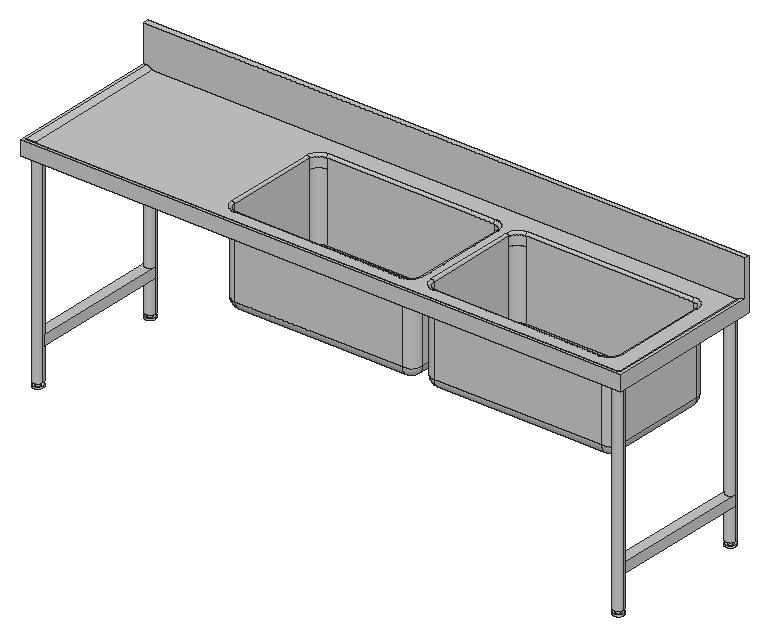
Revit family
Parameters (values of type "2440 X 650 Bowls Right End")
  Depth of Bowl = 380 mm
  Width of Bowl = 460 mm
  Length of Bowl = 760 mm
  Distance of Bowl = 100 mm
  Waste Connection Radius = Waste Connection Diameter / 2  # 20 mm
  Waste Connection Diameter = 40 mm
  WFU = 0
  URL = "http://www.autospec.co.za/browse.php?id=1644179283"
  Product Code = "None"
  OmniClass Title = ""
  OmniClass Number = ""
  Modspec Classification = ""
  Specification = ""
  Location (revit room) = ""
  Material = Stainless Steel Grade 304
  Colour = none
  Bowl Posiition [instance] = if(Bowl Position End, Distance of Bowl, if(Bowl Position Center, (Length / 2 - Length of Bowl - 25 mm), Distance of Bowl))  # 100 mm
  Description = ""
  Bowl Position End = yes
  Bowl Position Center = not(Bowl Position End)  # no
  Body Finish = none
  Splashback Height = 150 mm
  Width = 650 mm
  Model = "Pot Sink Double Bowl Right End Series KP2-2440 X 650"
  Manufacturer = "Kwikot"  # constant formula
  Length = 2440 mm
  Height = 1050 mm
  Assembly Code = "E1090300"
Reference planes
  plane 1 "Center (Front/Back)": y = 0
  plane 2 "Bottom": z = 0
  plane 3 "Center (Left/Right)": x = 0
  plane 4 "Left": x = -1220
  plane 5 "Right": x = 1220
  plane 6 "Front": y = -650
  plane 7 "Top": z = 1050
  plane 8: z = 900
  plane 9: z = 840
  plane 10: z = 520
  plane 11: y = -335
  plane 12: x = 480
  plane 13: x = 190
  plane 14: x = 360
  plane 15: x = 310
  plane 16: x = 1120
  plane 17: x = -450
  plane 18: y = -565
  plane 19: y = -105
Forms (mm)
  Extrusion 1, solid, material "Stainless Steel Grade 304" <- "Material"
    sketch origin (-1220, -491, 4000) x (0, -1, 0) y (0, 0, 1)
      loop
        line (-491, -3160) -> (159, -3160) -> (159, -3100) -> (-471, -3100) -> (-471, -2950) -> (-491, -2950) -> (-491, -3160)
    from 0 to -2440
  Blend 2, void
    base sketch origin (-779.234, -1524, 900) x (0, -1, 0) y (1, 0, 0)
      loop
        arc (-891, -428.766) -> (-887.464, -427.302) -> (-886, -423.766) r 5
        line (-886, -423.766) -> (-886, 1982.234)
        arc (-886, 1982.234) -> (-887.464, 1985.769) -> (-891, 1987.234) r 5
        line (-891, 1987.234) -> (-1504, 1987.234) -> (-1504, -428.766) -> (-891, -428.766)
    top sketch origin (-779.234, -1524, 900) x (0, -1, 0) y (1, 0, 0)
      loop
        line (-1504, -408.766) -> (-911, -408.766)
        arc (-911, -408.766) -> (-907.464, -407.302) -> (-906, -403.766) r 5
        line (-906, -403.766) -> (-906, 1962.234)
        arc (-906, 1962.234) -> (-907.464, 1965.769) -> (-911, 1967.234) r 5
        line (-911, 1967.234) -> (-1504, 1967.234) -> (-1504, -408.766)
    from 0 to -12
  Extrusion 3, void
    sketch origin (-779.234, -1524, 840) x (0, -1, 0) y (-1, 0, 0)
      loop
        line (-1419, -1179.234) -> (-1419, -1859.234)
        arc (-1419, -1859.234) -> (-1407.284, -1887.518) -> (-1379, -1899.234) r 40
        line (-1379, -1899.234) -> (-999, -1899.234)
        arc (-999, -1899.234) -> (-970.716, -1887.518) -> (-959, -1859.234) r 40
        line (-959, -1859.234) -> (-959, -1179.234)
        arc (-959, -1179.234) -> (-970.716, -1150.949) -> (-999, -1139.234) r 40
        line (-999, -1139.234) -> (-1379, -1139.234)
        arc (-1379, -1139.234) -> (-1407.284, -1150.949) -> (-1419, -1179.234) r 40
      loop
        arc (-1419, -1049.234) -> (-1407.284, -1077.518) -> (-1379, -1089.234) r 40
        line (-1379, -1089.234) -> (-999, -1089.234)
        arc (-999, -1089.234) -> (-970.716, -1077.518) -> (-959, -1049.234) r 40
        line (-959, -1049.234) -> (-959, -369.234)
        arc (-959, -369.234) -> (-970.716, -340.949) -> (-999, -329.234) r 40
        line (-999, -329.234) -> (-1379, -329.234)
        arc (-1379, -329.234) -> (-1407.284, -340.949) -> (-1419, -369.234) r 40
        line (-1419, -369.234) -> (-1419, -1049.234)
    from 0 to -60
  Sweep 4, solid, material "Stainless Steel Grade 304" <- "Material"
    path origin (-779.234, -1524, 900) x (-1, 0, 0) y (0, -1, 0)
      loop
        line (-1139.234, -1379) -> (-1139.234, -999)
        arc (-1139.234, -999) -> (-1150.949, -970.716) -> (-1179.234, -959) r 40
        line (-1179.234, -959) -> (-1859.234, -959)
        arc (-1859.234, -959) -> (-1887.518, -970.716) -> (-1899.234, -999) r 40
        line (-1899.234, -999) -> (-1899.234, -1379)
        arc (-1899.234, -1379) -> (-1887.518, -1407.284) -> (-1859.234, -1419) r 40
        line (-1859.234, -1419) -> (-1179.234, -1419)
        arc (-1179.234, -1419) -> (-1150.949, -1407.284) -> (-1139.234, -1379) r 40
    profile origin (360, -335, 900) x (1, 0, 0) y (0, 0, 1)
      loop
        line (0, -12) -> (-5, -12) -> (-5, -340)
        arc (-5, -340) -> (6.716, -368.284) -> (35, -380) r 40
        line (35, -380) -> (35, -375)
        arc (35, -375) -> (10.251, -364.749) -> (0, -340) r 35
        line (0, -340) -> (0, -12)
  Sweep 5, solid, material "Stainless Steel Grade 304" <- "Material"
    path origin (-779.234, -1524, 900) x (-1, 0, 0) y (0, -1, 0)
      loop
        line (-329.234, -1379) -> (-329.234, -999)
        arc (-329.234, -999) -> (-340.949, -970.716) -> (-369.234, -959) r 40
        line (-369.234, -959) -> (-1049.234, -959)
        arc (-1049.234, -959) -> (-1077.518, -970.716) -> (-1089.234, -999) r 40
        line (-1089.234, -999) -> (-1089.234, -1379)
        arc (-1089.234, -1379) -> (-1077.518, -1407.284) -> (-1049.234, -1419) r 40
        line (-1049.234, -1419) -> (-369.234, -1419)
        arc (-369.234, -1419) -> (-340.949, -1407.284) -> (-329.234, -1379) r 40
    profile origin (-450, -335, 900) x (1, 0, 0) y (0, 0, 1)
      loop
        line (0, -12) -> (-5, -12) -> (-5, -340)
        arc (-5, -340) -> (6.716, -368.284) -> (35, -380) r 40
        line (35, -380) -> (35, -375)
        arc (35, -375) -> (10.251, -364.749) -> (0, -340) r 35
        line (0, -340) -> (0, -12)
  Extrusion 6, solid, material "Stainless Steel Grade 304" <- "Material"
    sketch origin (-779.234, -1524, 520) x (-1, 0, 0) y (0, -1, 0)
      loop
        arc (-364.234, -999) -> (-365.698, -995.464) -> (-369.234, -994) r 5
        line (-369.234, -994) -> (-1049.234, -994)
        arc (-1049.234, -994) -> (-1052.769, -995.464) -> (-1054.234, -999) r 5
        line (-1054.234, -999) -> (-1054.234, -1379)
        arc (-1054.234, -1379) -> (-1052.769, -1382.536) -> (-1049.234, -1384) r 5
        line (-1049.234, -1384) -> (-369.234, -1384)
        arc (-369.234, -1384) -> (-365.698, -1382.536) -> (-364.234, -1379) r 5
        line (-364.234, -1379) -> (-364.234, -999)
      loop
        circle (-969.234, -1189) r 26
    from 0 to 5
  Extrusion 7, solid, material "Stainless Steel Grade 304" <- "Material"
    sketch origin (-779.234, -1524, 520) x (-1, 0, 0) y (0, -1, 0)
      loop
        arc (-1174.234, -999) -> (-1175.698, -995.464) -> (-1179.234, -994) r 5
        line (-1179.234, -994) -> (-1859.234, -994)
        arc (-1859.234, -994) -> (-1862.769, -995.464) -> (-1864.234, -999) r 5
        line (-1864.234, -999) -> (-1864.234, -1379)
        arc (-1864.234, -1379) -> (-1862.769, -1382.536) -> (-1859.234, -1384) r 5
        line (-1859.234, -1384) -> (-1179.234, -1384)
        arc (-1179.234, -1384) -> (-1175.698, -1382.536) -> (-1174.234, -1379) r 5
        line (-1174.234, -1379) -> (-1174.234, -999)
      loop
        circle (-1259.234, -1189) r 26
    from 0 to 5
  Blend 8, solid, material "Stainless Steel Grade 304"
    base sketch origin (-779.234, -1524, 520) x (-1, 0, 0) y (0, -1, 0)
      loop
        circle (-969.234, -1189) r 26
    top sketch origin (-779.234, -1524, 520) x (-1, 0, 0) y (0, -1, 0)
      loop
        circle (-969.234, -1189) r 20
    from 0 to -5
  Blend 9, solid, material "Stainless Steel Grade 304"
    base sketch origin (-779.234, -1524, 520) x (-1, 0, 0) y (0, -1, 0)
      loop
        circle (-1259.234, -1189) r 26
    top sketch origin (-779.234, -1524, 520) x (-1, 0, 0) y (0, -1, 0)
      loop
        circle (-1259.234, -1189) r 20
    from 0 to -5
  Sweep 10, void
    path origin (-779.234, -1524, 900) x (-1, 0, 0) y (0, -1, 0)
      loop
        line (-329.234, -1379) -> (-329.234, -999)
        arc (-329.234, -999) -> (-340.949, -970.716) -> (-369.234, -959) r 40
        line (-369.234, -959) -> (-1049.234, -959)
        arc (-1049.234, -959) -> (-1077.518, -970.716) -> (-1089.234, -999) r 40
        line (-1089.234, -999) -> (-1089.234, -1379)
        arc (-1089.234, -1379) -> (-1077.518, -1407.284) -> (-1049.234, -1419) r 40
        line (-1049.234, -1419) -> (-369.234, -1419)
        arc (-369.234, -1419) -> (-340.949, -1407.284) -> (-329.234, -1379) r 40
    profile origin (-450, -335, 900) x (1, 0, 0) y (0, 0, 1)
      loop
        line (0, -12) -> (-10, -12)
        arc (-10, -12) -> (-2.929, -14.929) -> (0, -22) r 10
        line (0, -22) -> (0, -12)
  Sweep 11, void
    path origin (-779.234, -1524, 900) x (-1, 0, 0) y (0, -1, 0)
      loop
        line (-1139.234, -1379) -> (-1139.234, -999)
        arc (-1139.234, -999) -> (-1150.949, -970.716) -> (-1179.234, -959) r 40
        line (-1179.234, -959) -> (-1859.234, -959)
        arc (-1859.234, -959) -> (-1887.518, -970.716) -> (-1899.234, -999) r 40
        line (-1899.234, -999) -> (-1899.234, -1379)
        arc (-1899.234, -1379) -> (-1887.518, -1407.284) -> (-1859.234, -1419) r 40
        line (-1859.234, -1419) -> (-1179.234, -1419)
        arc (-1179.234, -1419) -> (-1150.949, -1407.284) -> (-1139.234, -1379) r 40
    profile origin (360, -335, 900) x (1, 0, 0) y (0, 0, 1)
      loop
        line (0, -12) -> (-10, -12)
        arc (-10, -12) -> (-2.929, -14.929) -> (0, -22) r 10
        line (0, -22) -> (0, -12)
  Extrusion 12, solid, material "Stainless Steel Grade 304" <- "Material"
    sketch origin (0, 0, 0) x (1, 0, 0) y (0, 1, 0)
      loop
        circle (-1180, -610) r 21
      loop
        circle (-1180, -40) r 21
      loop
        circle (1180, -610) r 21
      loop
        circle (1180, -40) r 21
    from 0 to 5
  Extrusion 13, solid, material "Stainless Steel Grade 304" <- "Material"
    sketch origin (0, 0, 0) x (1, 0, 0) y (0, 1, 0)
      loop
        circle (1180, -610) r 10
      loop
        circle (-1180, -610) r 10
      loop
        circle (-1180, -40) r 10
      loop
        circle (1180, -40) r 10
    from 5 to 20
  Extrusion 14, solid, material "Stainless Steel Grade 304" <- "Material"
    sketch origin (-779.234, -1524, 840) x (-1, 0, 0) y (0, -1, 0)
      loop
        circle (400.766, -914) r 21
      loop
        circle (400.766, -1484) r 21
      loop
        circle (-1959.234, -1484) r 21
      loop
        circle (-1959.234, -914) r 21
    from 0 to -820
  Extrusion 15, solid, material "Stainless Steel Grade 304" <- "Material"
    sketch origin (0, 0, 0) x (1, 0, 0) y (0, 1, 0)
      loop
        line (1201, -610) -> (1201, -40)
        arc (1201, -40) -> (1180, -61) -> (1159, -40) r 21
        line (1159, -40) -> (1159, -610)
        arc (1159, -610) -> (1180, -589) -> (1201, -610) r 21
      loop
        line (-1201, -40) -> (-1201, -610)
        arc (-1201, -610) -> (-1180, -589) -> (-1159, -610) r 21
        line (-1159, -610) -> (-1159, -40)
        arc (-1159, -40) -> (-1180, -61) -> (-1201, -40) r 21
    from 150 to 190
Cuts and joins
  Blend 2, Extrusion 3, Sweep 10, Sweep 11 cuts Extrusion 1
  Sweep 10, Sweep 11 cuts Sweep 4
  Sweep 10, Sweep 11 cuts Sweep 5
  Sweep 10, Sweep 11 cuts Extrusion 6
  Sweep 10, Sweep 11 cuts Extrusion 7
  joined: Extrusion 1, Sweep 4, Sweep 5, Extrusion 6, Extrusion 7
Lines and regions (mm)
  symbolic lines
    curve 1: line (-1220, 0, 750) -> (-1220, -650, 750)
    curve 2: line (1220, 0, 750) -> (-1220, 0, 750)
    curve 3: line (1220, -650, 750) -> (1220, 0, 750)
    curve 4: line (-1220, -650, 750) -> (1220, -650, 750)
    curve 5: line (-1220, -20, 750) -> (1220, -20, 750)
    curve 6: line (-1208, -633, 1050) -> (-1208, -20, 1050)
    curve 7: arc (-1203, -638, 1050) -> (-1206.536, -636.536, 1050) -> (-1208, -633, 1050) r 5
    curve 8: line (1203, -638, 1050) -> (-1203, -638, 1050)
    curve 9: line (-1188, -20, 1050) -> (-1188, -613, 1050)
    curve 10: arc (-1188, -613, 1050) -> (-1186.536, -616.536, 1050) -> (-1183, -618, 1050) r 5
    curve 11: line (-1183, -618, 1050) -> (1183, -618, 1050)
    curve 12: arc (1183, -618, 1050) -> (1186.536, -616.536, 1050) -> (1188, -613, 1050) r 5
    curve 13: line (1188, -613, 1050) -> (1188, -20, 1050)
    curve 14: arc (1208, -633, 1050) -> (1206.536, -636.536, 1050) -> (1203, -638, 1050) r 5
    curve 15: line (1208, -20, 1050) -> (1208, -633, 1050)
    curve 16: line (1080, -565, 1050) -> (400, -565, 1050)
    curve 17: arc (400, -565, 1050) -> (371.716, -553.284, 1050) -> (360, -525, 1050) r 40
    curve 18: line (360, -525, 1050) -> (360, -145, 1050)
    curve 19: arc (360, -145, 1050) -> (371.716, -116.716, 1050) -> (400, -105, 1050) r 40
    curve 20: line (400, -105, 1050) -> (1080, -105, 1050)
    curve 21: arc (1080, -105, 1050) -> (1108.284, -116.716, 1050) -> (1120, -145, 1050) r 40
    curve 22: line (1120, -145, 1050) -> (1120, -525, 1050)
    curve 23: arc (1120, -525, 1050) -> (1108.284, -553.284, 1050) -> (1080, -565, 1050) r 40
    curve 24: line (-450, -145, 1050) -> (-450, -525, 1050)
    curve 25: arc (-450, -145, 1050) -> (-438.284, -116.716, 1050) -> (-410, -105, 1050) r 40
    curve 26: line (270, -105, 1050) -> (-410, -105, 1050)
    curve 27: arc (270, -105, 1050) -> (298.284, -116.716, 1050) -> (310, -145, 1050) r 40
    curve 28: line (310, -525, 1050) -> (310, -145, 1050)
    curve 31: arc (310, -525, 1050) -> (298.284, -553.284, 1050) -> (270, -565, 1050) r 40
    curve 32: line (-410, -565, 1050) -> (270, -565, 1050)
    curve 33: arc (-410, -565, 1050) -> (-438.284, -553.284, 1050) -> (-450, -525, 1050) r 40
  symbolic lines, detail levels fine
    curve 29: arc (164, -335, 1050) -> (190, -309, 1050) -> (216, -335, 1050) r 26
    curve 30: arc (216, -335, 1050) -> (190, -361, 1050) -> (164, -335, 1050) r 26
    curve 34: arc (506, -335, 1050) -> (480, -361, 1050) -> (454, -335, 1050) r 26
    curve 35: arc (454, -335, 1050) -> (480, -309, 1050) -> (506, -335, 1050) r 26
Dimensions and locks
  equal spacing: plane 4 "Left", plane 3 "Center (Left/Right)", plane 5 "Right"
  "Length": plane 4 "Left" to plane 5 "Right"
  "Width": plane 1 "Center (Front/Back)" to plane 6 "Front"
  "Height": plane 7 "Top" to level
  "Splashback Height": plane 7 "Top" to plane 8
  Blend 2 sketch curve to plane 6 "Front" = 12 mm
  plane 11 to plane 1 "Center (Front/Back)" = 335 mm
  Blend 2 sketch curve to var sketch = 20 mm  (x2)
  var sketch to Blend 2 sketch curve = 20 mm
  "Depth of Bowl": plane 8 to plane 10
  "Length of Bowl": plane 14 to plane 16
  "Length of Bowl": plane 17 to plane 15
  "Width of Bowl": plane 19 to plane 18
  plane 18 to plane 6 "Front" = 85 mm
  locked: plane 14 to plane 12 at 120
  locked: plane 13 to plane 15 at 120
  plane 8 to plane 9 = 60 mm
  plane 4 "Left" to Extrusion 12 sketch curve = 40 mm  (x2)
  Extrusion 12 sketch curve to plane 6 "Front" = 40 mm  (x2)
  Extrusion 12 sketch curve to plane 1 "Center (Front/Back)" = 40 mm  (x2)
  Extrusion 12 sketch curve to plane 5 "Right" = 40 mm  (x2)
  Extrusion 13 sketch curve to plane 5 "Right" = 40 mm  (x2)
  Extrusion 13 sketch curve to plane 1 "Center (Front/Back)" = 40 mm  (x2)
  plane 4 "Left" to Extrusion 13 sketch curve = 40 mm  (x2)
  Extrusion 13 sketch curve to plane 6 "Front" = 40 mm  (x2)
  Extrusion 15 to plane 2 "Bottom" = 150 mm
  "Bowl Posiition": plane 16 to plane 5 "Right"
  plane 15 to plane 14 = 50 mm
  radius of Extrusion 3 sketch curve = 40 mm  (x8)
  radius of Extrusion 7 sketch curve = 26 mm
  "Waste Connection Radius": radius of Blend 8 sketch curve
  "Waste Connection Radius": radius of Blend 9 sketch curve
  radius of Extrusion 12 sketch curve = 21 mm  (x4)
  radius of Extrusion 13 sketch curve = 10 mm  (x4)
  aligned and locked: level to plane 2 "Bottom"
  aligned and locked: Extrusion 1 sketch curve to plane 9
  aligned and locked: Extrusion 1 sketch curve to plane 1 "Center (Front/Back)"
  aligned and locked: plane 8 to Extrusion 1 sketch curve
  aligned and locked: Extrusion 1 sketch curve to plane 6 "Front"
  aligned and locked: plane 7 "Top" to Extrusion 1 sketch curve
  aligned and locked: plane 4 "Left" to Extrusion 1
  aligned and locked: Extrusion 1 to plane 5 "Right"
  aligned and locked: var sketch to Blend 2 sketch curve
  aligned and locked: plane 8 to Extrusion 3
  aligned and locked: Extrusion 3 to plane 9
  aligned and locked: Sweep 4 sketch curve to cut or joined group of Extrusion 1, Blend 2, Extrusion 3, Sweep 4, Sweep 5, Extrusion 6, Extrusion 7, Sweep 10, Sweep 11  (x6)
  aligned and locked: curve 7 to cut or joined group of Extrusion 1, Blend 2, Extrusion 3, Sweep 4, Sweep 5, Extrusion 6, Extrusion 7, Sweep 10, Sweep 11
  aligned and locked: curve 9 to cut or joined group of Extrusion 1, Blend 2, Extrusion 3, Sweep 4, Sweep 5, Extrusion 6, Extrusion 7, Sweep 10, Sweep 11
  aligned and locked: curve 10 to cut or joined group of Extrusion 1, Blend 2, Extrusion 3, Sweep 4, Sweep 5, Extrusion 6, Extrusion 7, Sweep 10, Sweep 11
  aligned and locked: curve 12 to cut or joined group of Extrusion 1, Blend 2, Extrusion 3, Sweep 4, Sweep 5, Extrusion 6, Extrusion 7, Sweep 10, Sweep 11
  aligned and locked: curve 14 to cut or joined group of Extrusion 1, Blend 2, Extrusion 3, Sweep 4, Sweep 5, Extrusion 6, Extrusion 7, Sweep 10, Sweep 11
  aligned and locked: curve 15 to cut or joined group of Extrusion 1, Blend 2, Extrusion 3, Sweep 4, Sweep 5, Extrusion 6, Extrusion 7, Sweep 10, Sweep 11
  aligned and locked: curve 17 to cut or joined group of Extrusion 1, Blend 2, Extrusion 3, Sweep 4, Sweep 5, Extrusion 6, Extrusion 7, Sweep 10, Sweep 11
  aligned and locked: curve 19 to cut or joined group of Extrusion 1, Blend 2, Extrusion 3, Sweep 4, Sweep 5, Extrusion 6, Extrusion 7, Sweep 10, Sweep 11
  aligned and locked: curve 21 to cut or joined group of Extrusion 1, Blend 2, Extrusion 3, Sweep 4, Sweep 5, Extrusion 6, Extrusion 7, Sweep 10, Sweep 11
  aligned and locked: curve 23 to cut or joined group of Extrusion 1, Blend 2, Extrusion 3, Sweep 4, Sweep 5, Extrusion 6, Extrusion 7, Sweep 10, Sweep 11
  aligned and locked: Sweep 5 sketch curve to cut or joined group of Extrusion 1, Blend 2, Extrusion 3, Sweep 4, Sweep 5, Extrusion 6, Extrusion 7, Sweep 10, Sweep 11  (x6)
  aligned and locked: Extrusion 6 sketch curve to cut or joined group of Extrusion 1, Blend 2, Extrusion 3, Sweep 4, Sweep 5, Extrusion 6, Extrusion 7, Sweep 10, Sweep 11  (x4)
  aligned and locked: plane 11 to Extrusion 6 sketch curve
  aligned and locked: plane 13 to Extrusion 6 sketch curve
  aligned and locked: Extrusion 7 sketch curve to cut or joined group of Extrusion 1, Blend 2, Extrusion 3, Sweep 4, Sweep 5, Extrusion 6, Extrusion 7, Sweep 10, Sweep 11  (x4)
  aligned and locked: plane 11 to Extrusion 7 sketch curve
  aligned and locked: plane 12 to Extrusion 7 sketch curve
  aligned and locked: curve 25 to cut or joined group of Extrusion 1, Blend 2, Extrusion 3, Sweep 4, Sweep 5, Extrusion 6, Extrusion 7, Sweep 10, Sweep 11
  aligned and locked: curve 27 to cut or joined group of Extrusion 1, Blend 2, Extrusion 3, Sweep 4, Sweep 5, Extrusion 6, Extrusion 7, Sweep 10, Sweep 11
  aligned and locked: curve 29 to cut or joined group of Extrusion 1, Blend 2, Extrusion 3, Sweep 4, Sweep 5, Extrusion 6, Extrusion 7, Sweep 10, Sweep 11
  aligned and locked: curve 30 to cut or joined group of Extrusion 1, Blend 2, Extrusion 3, Sweep 4, Sweep 5, Extrusion 6, Extrusion 7, Sweep 10, Sweep 11
  aligned and locked: curve 31 to cut or joined group of Extrusion 1, Blend 2, Extrusion 3, Sweep 4, Sweep 5, Extrusion 6, Extrusion 7, Sweep 10, Sweep 11
  aligned and locked: curve 33 to cut or joined group of Extrusion 1, Blend 2, Extrusion 3, Sweep 4, Sweep 5, Extrusion 6, Extrusion 7, Sweep 10, Sweep 11
  aligned and locked: curve 34 to cut or joined group of Extrusion 1, Blend 2, Extrusion 3, Sweep 4, Sweep 5, Extrusion 6, Extrusion 7, Sweep 10, Sweep 11
  aligned and locked: curve 35 to cut or joined group of Extrusion 1, Blend 2, Extrusion 3, Sweep 4, Sweep 5, Extrusion 6, Extrusion 7, Sweep 10, Sweep 11
  aligned and locked: Blend 8 sketch curve to cut or joined group of Extrusion 1, Blend 2, Extrusion 3, Sweep 4, Sweep 5, Extrusion 6, Extrusion 7, Sweep 10, Sweep 11  (x2)
  aligned and locked: plane 11 to Blend 8 sketch curve
  aligned and locked: plane 13 to Blend 8 sketch curve
  aligned and locked: Blend 9 sketch curve to cut or joined group of Extrusion 1, Blend 2, Extrusion 3, Sweep 4, Sweep 5, Extrusion 6, Extrusion 7, Sweep 10, Sweep 11  (x2)
  aligned and locked: plane 11 to Blend 9 sketch curve
  aligned and locked: plane 12 to Blend 9 sketch curve
  aligned and locked: plane 10 to Sweep 5 sketch curve
  aligned and locked: plane 10 to Sweep 4 sketch curve
  aligned and locked: plane 17 to Extrusion 3 sketch curve
  aligned and locked: plane 19 to Extrusion 3 sketch curve
  aligned and locked: Extrusion 3 sketch curve to plane 19
  aligned and locked: plane 18 to Extrusion 3 sketch curve
  aligned and locked: Extrusion 3 sketch curve to plane 18
  aligned and locked: plane 16 to Extrusion 3 sketch curve
  aligned and locked: plane 15 to Extrusion 3 sketch curve
  aligned and locked: plane 14 to Extrusion 3 sketch curve
  aligned and locked: Sweep 10 sketch curve to cut or joined group of Extrusion 1, Blend 2, Extrusion 3, Sweep 4, Sweep 5, Extrusion 6, Extrusion 7, Sweep 10, Sweep 11  (x4)
  aligned and locked: profile plane to Sweep 10 sketch curve
  aligned and locked: cut or joined group of Extrusion 1, Blend 2, Extrusion 3, Sweep 4, Sweep 5, Extrusion 6, Extrusion 7, Sweep 10, Sweep 11 to Sweep 10 sketch curve
  aligned and locked: Sweep 11 sketch curve to cut or joined group of Extrusion 1, Blend 2, Extrusion 3, Sweep 4, Sweep 5, Extrusion 6, Extrusion 7, Sweep 10, Sweep 11  (x4)
  aligned and locked: profile plane to Sweep 11 sketch curve
  aligned and locked: cut or joined group of Extrusion 1, Blend 2, Extrusion 3, Sweep 4, Sweep 5, Extrusion 6, Extrusion 7, Sweep 10, Sweep 11 to Sweep 11 sketch curve
  aligned and locked: Extrusion 12 to plane 2 "Bottom"
  aligned and locked: Extrusion 13 to Extrusion 12
  aligned and locked: Extrusion 14 sketch curve to Extrusion 12  (x8)
  aligned and locked: plane 9 to Extrusion 14
  aligned and locked: Extrusion 14 to Extrusion 13
  aligned and locked: Extrusion 15 sketch curve to Extrusion 14  (x4)
Automatic sketch dimensions
  plane 1 "Center (Front/Back)" to Extrusion 1 sketch curve = 20 mm
  Blend 2 sketch curve to Blend 2 sketch curve = 5 mm  (x4)
  plane 1 "Center (Front/Back)" to Blend 2 sketch curve = 20 mm
  Blend 2 sketch curve to plane 4 "Left" = 12 mm
  plane 5 "Right" to Blend 2 sketch curve = 17 mm
  plane 1 "Center (Front/Back)" to curve 3 = 0 mm
  curve 3 to plane 5 "Right" = 0 mm
  curve 4 to plane 4 "Left" = 0 mm
  curve 4 to plane 6 "Front" = 0 mm
  curve 1 to curve 5 = 20 mm
  plane 1 "Center (Front/Back)" to curve 15 = 20 mm
  plane 1 "Center (Front/Back)" to curve 9 = 20 mm
  plane 1 "Center (Front/Back)" to curve 13 = 20 mm
  curve 6 to curve 9 = 0 mm
  Sweep 5 sketch curve to Sweep 5 sketch curve = 0 mm
  profile plane to Sweep 5 sketch curve = 5 mm
  Sweep 5 sketch curve to profile plane = 35 mm
  Sweep 4 sketch curve to Sweep 4 sketch curve = 0 mm
  profile plane to Sweep 4 sketch curve = 5 mm
  Sweep 4 sketch curve to Sweep 4 sketch curve = 35 mm
  profile plane to Sweep 10 sketch curve = 10 mm
  Sweep 10 sketch curve to Sweep 10 sketch curve = 10 mm  (x2)
  Sweep 10 sketch curve to Sweep 10 sketch curve = 0 mm
  profile plane to Sweep 10 sketch curve = 0 mm
  profile plane to Sweep 11 sketch curve = 10 mm
  Sweep 11 sketch curve to Sweep 11 sketch curve = 0 mm  (x2)
  Sweep 11 sketch curve to Sweep 11 sketch curve = 10 mm
  profile plane to Sweep 11 sketch curve = 0 mm
  Extrusion 15 sketch curve to Extrusion 15 sketch curve = 0 mm
  radius of Extrusion 6 sketch curve = 26 mm
Connectors
  piping at (190, -335, 515), driven by "Waste Connection Radius", driven by "WFU"
    settings: on Blend 8, index 1, connector radius 20 mm, flow factor 0, pipe flow 0.0 L/s, pressure drop 0.0 Pa, fitting loss kfactor 0, connector angle 0.00°, fixture units 0, flow configuration 3, flow direction 2, fitting loss method 0, system type 16, connector reference index -1, connector utility 0, adjustable connector no, is connector primary yes, fitting loss table "", connector description "Waste Connection"
  piping at (480, -335, 515), driven by "Waste Connection Radius", driven by "WFU"
    settings: on Blend 9, index 2, connector radius 20 mm, flow factor 0, pipe flow 0.0 L/s, pressure drop 0.0 Pa, fitting loss kfactor 0, connector angle 0.00°, fixture units 0, flow configuration 3, flow direction 2, fitting loss method 0, system type 16, connector reference index -1, connector utility 0, adjustable connector no, is connector primary no, fitting loss table "", connector description "Waste Connection"
